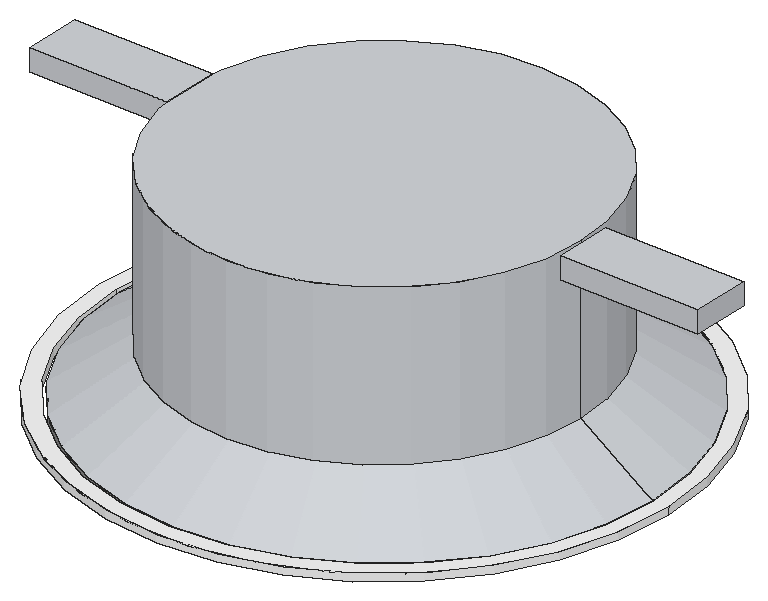
Revit family "FALCO-DOWN_LIGHT_LED_IP65_18W_O159+connect_4000K", category Lighting Fixtures, host Ceiling, Revit 2021
Family settings
  Host = Ceiling
  Round Connector Dimension = Use Diameter
  Part Type = Normal
  OmniClass Number = 23.80.70.11
  OmniClass Title = Luminaries for Internal Lighting
  Always vertical = Yes
  Cut with Voids When Loaded = No
  Light Source = Yes
  Shared = No
  Room Calculation Point = No
Parameters (values of type "Type 1")
  Wattage = 14.4067 W
  built-in parameter 1150110 = 1 (stored number, unit not read)
  URL = "https://www.lucera.fr/"
  built-in parameter 1114217 = 1 (stored number, unit not read)
  Tilt Angle = 90.00°
  built-in parameter 1150109 = 1 (stored number, unit not read)
  built-in parameter 1150134 = 12
  built-in parameter 1150113 = 1 (stored number, unit not read)
  SDCM = "3"
  Puissance nominale = "18W"
  Photometric Web File = "google_eulumdat_converter.ies"
  Matériau = "Aluminium diffuseur PMMA"
  Manufacturer = "Lucera - Lucera (c) 06/01/2021 16:39:08 +01:00"  # constant formula
  Maintien du flux = "L80B10 (50 000 heures)"
  Lumens = 2140 lm
  built-in parameter 1150115 = 1 (stored number, unit not read)
  built-in parameter 1150105 = 170.3 (stored number, unit not read)
  built-in parameter 1150137 = (empty or 0)
  built-in parameter 1150139 = (empty or 0)
  built-in parameter 1150112 = 1 (stored number, unit not read)
  built-in parameter 1150114 = 1 (stored number, unit not read)
  Lamp = "LED XC-COB Bridgelux 2630"
  built-in parameter 1150132 = 2
  built-in parameter 1150102 = (empty or 0)
  built-in parameter 1150138 = (empty or 0)
  built-in parameter 1150107 = 4000 (stored number, unit not read)
  built-in parameter 1150106 = 1.703 (stored number, unit not read)
  IRC = ">90"
  built-in parameter 1150104 = 13.8 (stored number, unit not read)
  Durée de vie = "50 000 heures"
  Driver = "Driver Lifud TUV CE CCC"
  Dimming Lamp Color Temperature Shift = <None>
  Dimensions = "Ø 159 mm, H = 60 mm"
  Dimension découpe = "Ø 145-150 mm"
  Default Elevation = 0 mm
  Couleur = "Blanc"
  Color Filter = 16777215
  built-in parameter 1114218 = 1 (stored number, unit not read)
  built-in parameter 1150133 = 10 (stored number, unit not read)
  Angle d'éclairage = "60°"
  Alimentation luminaire = "25-40V dc / 450mA"
  Alimentation Driver = "AC 220-240V"
Reference planes
  plane 1 "Light Source Axis (F/B)": y = 0
  plane 2: z = 0
  plane 3 "Light Source Axis (L/R)": x = 0
  plane 4 "Ceiling": z = 4000
  plane 5 "Light Source Elevation": z = 3985.451
Forms (mm)
  Extrusion 1, solid, material "Aluminum, Blanc"
    sketch origin (0, 0, 4000) x (0, 1, 0) y (-1, 0, 0)
      loop
        circle (0, 0.693) r 79.5
      loop
        circle (0, 0.693) r 75
    from -6.482 to -4.334
  Blend 2, solid
    base sketch origin (0, 0, 4000) x (0, 1, 0) y (-1, 0, 0)
      loop
        circle (0, 0) r 74.453
    top sketch origin (0, 0, 4000) x (0, 1, 0) y (-1, 0, 0)
      loop
        circle (0, 0) r 23.671
    from -4.334 to 30
  Extrusion 3, solid
    sketch origin (0, 0, 4000) x (0, 1, 0) y (-1, 0, 0)
      loop
        circle (0, 0.693) r 55
    from 8.873 to 53.518
  Extrusion 4, solid, material "diffuseur PMMA"
    sketch origin (0, 0, 4000) x (0, 1, 0) y (-1, 0, 0)
      loop
        circle (0, 0) r 74.453
    from -6.482 to -4.334
  Extrusion 5, solid
    sketch origin (0, 0, 4000) x (0, 1, 0) y (-1, 0, 0)
      loop
        line (7.841, -55) -> (-7.984, -55) -> (-7.984, -93.403) -> (7.841, -93.403) -> (7.841, -55)
    from 47.496 to 53.518
  Extrusion 6, solid
    sketch origin (0, 0, 4000) x (0, -1, 0) y (1, 0, 0)
      loop
        line (-7.841, -55) -> (-7.841, -93.403) -> (7.984, -93.403) -> (7.984, -55) -> (-7.841, -55)
    from 47.496 to 53.518
Lines and regions (mm)
  reference lines
    curve 1: line (0, 0, 4000) -> (13, 0, 4000)
    curve 2: line (0, 0, 3993.518) -> (0, 0, 4053.518)
    curve 3: line (0, 0, 4000) -> (0, -79.5, 4000)
    curve 4: line (0, 0, 4000) -> (20.5, 0, 4000)
Dimensions and locks
  equal spacing: host sketch curve, plane 3 "Light Source Axis (L/R)", host sketch curve
  equal spacing: host sketch curve, plane 1 "Light Source Axis (F/B)", host sketch curve
  host sketch curve to host sketch curve = 4000 mm  (x2)
  plane 4 "Ceiling" to host ceiling = 0 mm
  aligned and locked: plane 1 "Light Source Axis (F/B)" to imposter light
  aligned and locked: plane 5 "Light Source Elevation" to imposter light
